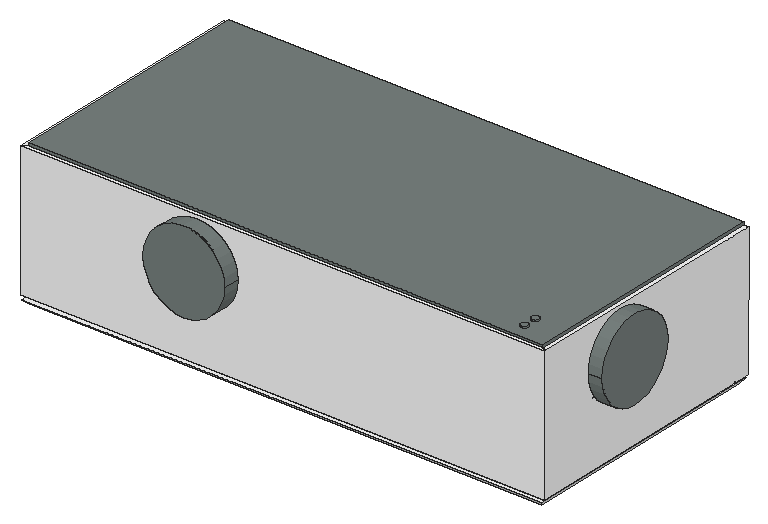
Revit family "AM 500 HDIDE", category Mechanical Equipment, Revit 2019
Family settings
  Round Connector Dimension = Use Diameter
  Part Type = Normal
  OmniClass Number = 23.75.00.00
  OmniClass Title = Climate Control (HVAC)
  Work Plane-Based = No
  Always vertical = Yes
  Cut with Voids When Loaded = No
  Shared = No
  Room Calculation Point = No
Parameters
  Weight (Standard Unit) = 108  # constant formula
  Water Heater Surface Return = 10 mm  # constant formula
  Water Heater Surface IN = 10 mm  # constant formula
  Visible [instance] = no
  Version number = "1,0"
  URL = "www.airmaster-as.com"
  Total Width = 1600 mm  # constant formula
  Total Hight = 439 mm  # constant formula
  Top Panel [instance] = yes
  T-C Duct Supply = 171.3 mm  # constant formula
  T-C Duct Exhaust = 171.3 mm  # constant formula
  Suply Air In = 250 mm  # constant formula
  R-C Duct Supply = 238 mm  # constant formula
  Publication date = "23.05.2023"
  Phase 1 - Max Power Consumption = "1762 W"
  Phase 1 - Max Current = "8,1 A"
  Panel R [instance] = yes
  Nominal current, electrical preheating surface = "4,4 A"
  Nominal current, electrical comfort heating surface = "2,6 A"
  Nominal current, air handling unit = "1,1 A"
  Network Conection = "AWG 24 CAT 5e STP"
  Model = "AM 500 HDIDE"
  Middle Panel [instance] = yes
  Max. flow rate 35 dB(A) with ePM10 80% filters = 440.00 m³  # constant formula
  Max. flow rate 35 dB(A) with ePM10 55% filters = 495.00 m³  # constant formula
  Max. flow rate 35 dB(A) with ePM10 50% filters = 550.00 m³  # constant formula
  Max. flow rate 30 dB(A) with ePM10 80% filters = 344.00 m³  # constant formula
  Max. flow rate 30 dB(A) with ePM10 55% filters = 387.00 m³  # constant formula
  Max. flow rate 30 dB(A) with ePM10 50% filters = 430.00 m³  # constant formula
  Manufacturer = "Airmaster A/S"
  Maintenance [instance] = no
  L-C Duct Exhaust = 192 mm  # constant formula
  Front Panel [instance] = yes
  Exhaust Air = 250 mm  # constant formula
  Total Depth = 779 mm  # constant formula
  Electrical connection = "1 ~ 230 V / N / PE / 50 Hz"
  Duct Supply = 250 mm  # constant formula
  Duct Extraction = 250 mm  # constant formula
  Drawn By = "LSB"
  Condensate = 9 mm  # constant formula
  Buttom Panel [instance] = yes
  BMS Panel = "(PTS) 2x2x0,6"
  BMS Out = "(PTS) 2x2x0,6"
  BMS IN = "(PTS) 2x2x0,6"
  Airlow area [instance] = no
Reference planes
  plane 1 "Center (Front/Back)": y = 0
  plane 2: z = 0
  plane 3 "Center (Left/Right)": x = 0
  plane 4 "Center L/S": y = -779
  plane 5 "Center L/T": x = -800
  plane 6 "Center L/U": x = 800
  plane 7 "TOP": z = 439
  plane 8 "Center L/V": x = -785
  plane 9 "Center L/W": y = -764
  plane 10 "Center L/X": x = 785
  plane 11 "Panel Buttom": z = 24.45
  plane 12 "Panel Top": z = 153.45
  plane 13 "Hatch": z = 14.5
  plane 14 "Center L/Z": z = 163.4
  plane 15 "Center L/AA": z = 292.4
  plane 16 "Center L/BB": z = 302.35
  plane 17 "Center L/CC": z = 431.35
Forms (mm)
  Extrusion 1, solid, material "AM Grey"
    sketch origin (0, 0, 0) x (1, 0, 0) y (0, 1, 0)
      loop
        line (-785, 0) -> (-785, -764) -> (785, -764) -> (785, 0) -> (-785, 0)
    from 14.5 to 439
  Extrusion 2, solid, material "AM White", visible <- "Visible"
    sketch origin (794.5, -1524, 24.45) x (0, -1, 0) y (-1, 0, 0)
      loop
        line (-745, -5.5) -> (-745, 1592.5) -> (-760, 1577.5) -> (-760, 9.5) -> (-1524, 9.5) -> (-1524, -5.5) -> (-745, -5.5)
    from 0 to -129
  Blend 3, solid, material "AM White"
    base sketch origin (-790.646, -1524, 14.5) x (0, -1, 0) y (1, 0, 0)
      loop
        line (-745, -2.387) -> (-745, 1583.657) -> (-1524, 1583.657) -> (-1524, -2.387) -> (-745, -2.387)
    top sketch origin (-790.646, -1524, 14.5) x (0, -1, 0) y (1, 0, 0)
      loop
        line (-760, 8.963) -> (-760, 1572.646) -> (-1509.161, 1572.646) -> (-1509.161, 8.963) -> (-760, 8.963)
    from 0 to -14.5
  Extrusion 4, solid, material "AM Grey"
    sketch origin (-785, -20, 0) x (0, 1, 0) y (0, 0, -1)
      loop
        arc (-34.231, -35.823) -> (-20.604, -46.468) -> (-15.509, -29.944) r 10.5
        arc (-15.509, -29.944) -> (-26.896, -26.432) -> (-34.231, -35.823) r 10.5
    from 0 to 14.9
  Extrusion 5, solid, material "AM Grey"
    sketch origin (785, 0, 0) x (0, -1, 0) y (0, 0, -1)
      loop
        circle (48.75, -36.414) r 8
    from 0 to 14.9
  Extrusion 6, solid, material "AM Grey"
    sketch origin (785, 0, 0) x (0, -1, 0) y (0, 0, -1)
      loop
        circle (48.75, -60.414) r 5.5
    from 0 to 14.9
  Extrusion 7, solid, material "AM Grey"
    sketch origin (785, 0, 0) x (0, -1, 0) y (0, 0, -1)
      loop
        arc (52.21, -82.945) -> (49.124, -78.934) -> (45.257, -82.197) r 3.5
        arc (45.257, -82.197) -> (48.376, -85.894) -> (52.21, -82.945) r 3.5
    from 0 to 14.9
  Extrusion 8, solid, material "AM Grey"
    sketch origin (785, 0, 0) x (0, -1, 0) y (0, 0, -1)
      loop
        arc (52.21, -104.867) -> (49.124, -100.856) -> (45.257, -104.119) r 3.5
        arc (45.257, -104.119) -> (48.376, -107.816) -> (52.21, -104.867) r 3.5
    from 0 to 14.9
  Extrusion 9, solid, material "AM Grey"
    sketch origin (785, 0, 0) x (0, -1, 0) y (0, 0, -1)
      loop
        arc (666.553, -391.641) -> (678.119, -403.614) -> (689.95, -391.903) r 11.7
        arc (689.95, -391.903) -> (678.381, -380.215) -> (666.553, -391.641) r 11.7
    from 0 to 2
  Extrusion 10, solid, material "AM Grey"
    sketch origin (785, 0, 0) x (0, -1, 0) y (0, 0, -1)
      loop
        arc (707.323, -393.239) -> (721.418, -403.717) -> (730.869, -388.914) r 12
        arc (730.869, -388.914) -> (717.082, -380.112) -> (707.323, -393.239) r 12
    from 0 to 2
  Extrusion 11, solid, material "AM Grey"
    sketch origin (-785, 0, 0) x (1, 0, 0) y (0, 0, -1)
      loop
        circle (1347, -267.7) r 125
    from 0 to 18.45
  Extrusion 12, solid, material "AM Grey"
    sketch origin (-785, 0, 0) x (1, 0, 0) y (0, 0, -1)
      loop
        circle (177, -267.7) r 125
    from 0 to 18.45
  Extrusion 13, solid, material "AM Grey"
    sketch origin (-2194.69, 0, 0) x (1, 0, 0) y (0, 0, -1)
      loop
        arc (1478.835, -24) -> (1493.457, -45.482) -> (1480.281, -23.084) r 13
        line (1480.281, -23.084) -> (1478.835, -24)
    from 0 to 2
  Extrusion 14, solid, material "AM Grey"
    sketch origin (0, 0, 439) x (1, 0, 0) y (0, 1, 0)
      loop
        arc (693.662, -689.53) -> (693, -667.55) -> (692.338, -689.53) r 11
        line (692.338, -689.53) -> (693.662, -689.53)
    from 0 to 2
  Extrusion 15, solid, material "AM Grey"
    sketch origin (0, 0, 439) x (1, 0, 0) y (0, 1, 0)
      loop
        arc (693.662, -730.28) -> (693, -708.3) -> (692.338, -730.28) r 11
        line (692.338, -730.28) -> (693.662, -730.28)
    from 0 to 2
  Extrusion 16, solid, material "Maintenece", visible <- "Maintenance"
    sketch origin (-790.646, -1524, 0) x (1, 0, 0) y (0, -1, 0)
      loop
        line (-9.354, -1524) -> (1590.646, -1524) -> (1590.646, -745) -> (-9.354, -745) -> (-9.354, -1524)
    from 0 to 1200
  Extrusion 17, solid, material "AM Grey"
    sketch origin (785, 0, 0) x (0, -1, 0) y (0, 0, -1)
      loop
        circle (489, -299.25) r 125
    from 0 to 60
  Extrusion 18, solid, material "AM White", visible <- "Middle Panel"
    sketch origin (794.5, -1524, 163.4) x (0, -1, 0) y (-1, 0, 0)
      loop
        line (-1524, 1594.5) -> (-1524, 1579.5) -> (-762, 1579.5) -> (-747, 1594.5) -> (-1524, 1594.5)
    from 0 to -129
  Extrusion 19, solid, material "AM White", visible <- "Top Panel"
    sketch origin (794.5, -1524, 302.35) x (0, -1, 0) y (-1, 0, 0)
      loop
        line (-1524, 1594.5) -> (-1524, 1579.5) -> (-762, 1579.5) -> (-747, 1594.5) -> (-1524, 1594.5)
    from 0 to -129
  Extrusion 20, solid, material "AM Grey"
    sketch origin (785, -764, 0) x (-1, 0, 0) y (0, 0, -1)
      loop
        circle (1045, -298.664) r 125
    from 0 to 63
  Extrusion 21, solid, material "AM White", visible <- "Front Panel"
    sketch origin (794.5, -1524, 163.4) x (0, -1, 0) y (-1, 0, 0)
      loop
        line (-745, -3.5) -> (-745, 1592.5) -> (-760, 1577.5) -> (-760, 11.5) -> (-745, -3.5)
    from 138.95 to -267.95
  Extrusion 22, solid, material "AM White", visible <- "Panel R"
    sketch origin (794.5, -1524, 24.45) x (0, -1, 0) y (-1, 0, 0)
      loop
        line (-1524, 9.5) -> (-1524, -5.5) -> (-747, -5.5) -> (-762, 9.5) -> (-1524, 9.5)
    from -406.9 to 0
  Extrusion 23, solid, material "AM White", visible <- "Buttom Panel"
    sketch origin (794.5, -1524, 24.45) x (0, -1, 0) y (-1, 0, 0)
      loop
        line (-1524, 1594.5) -> (-1524, 1579.5) -> (-762, 1579.5) -> (-747, 1594.5) -> (-1524, 1594.5)
    from 0 to -129
Dimensions and locks
  "Total Depth": plane 4 "Center L/S" to plane 1 "Center (Front/Back)"
  equal spacing: plane 5 "Center L/T", plane 3 "Center (Left/Right)", plane 6 "Center L/U"
  "Total Width": plane 5 "Center L/T" to plane 6 "Center L/U"
  "Total Hight": plane 7 "TOP" to level
  locked: plane 10 "Center L/X" to plane 6 "Center L/U" at 15
  locked: plane 4 "Center L/S" to plane 9 "Center L/W" at 15
  locked: plane 5 "Center L/T" to plane 8 "Center L/V" at 15
  Extrusion 1 to Blend 3 sketch curve = 14.839 mm
  "R-C Duct Supply": plane 6 "Center L/U" to Extrusion 11 sketch curve
  "T-C Duct Exhaust": Extrusion 12 sketch curve to plane 7 "TOP"
  "L-C Duct Exhaust": Extrusion 12 sketch curve to plane 5 "Center L/T"
  "T-C Duct Supply": Extrusion 11 sketch curve to plane 7 "TOP"
  aligned and locked: level to plane 2
  aligned and locked: plane 1 "Center (Front/Back)" to Extrusion 1 sketch curve
  aligned and locked: Extrusion 1 sketch curve to plane 8 "Center L/V"
  aligned and locked: Extrusion 1 sketch curve to plane 9 "Center L/W"
  aligned and locked: Extrusion 1 sketch curve to plane 10 "Center L/X"
  aligned and locked: plane 7 "TOP" to Extrusion 1
  aligned and locked: plane 4 "Center L/S" to Extrusion 2 sketch curve
  aligned and locked: plane 6 "Center L/U" to Extrusion 2 sketch curve
  aligned and locked: Extrusion 2 sketch curve to Extrusion 1  (x2)
  aligned and locked: plane 1 "Center (Front/Back)" to Extrusion 2 sketch curve
  aligned and locked: Extrusion 2 to plane 12 "Panel Top"
  aligned and locked: Blend 3 to plane 2
  aligned and locked: plane 13 "Hatch" to Extrusion 1
  aligned and locked: Extrusion 18 to plane 15 "Center L/AA"
  aligned and locked: Extrusion 19 to plane 17 "Center L/CC"
  aligned and locked: Extrusion 21 to plane 17 "Center L/CC"
Automatic sketch dimensions
  plane 1 "Center (Front/Back)" to Blend 3 sketch curve = 0 mm
  plane 4 "Center L/S" to Blend 3 sketch curve = 0 mm
  plane 5 "Center L/T" to Blend 3 sketch curve = 6.967 mm
  Blend 3 sketch curve to plane 6 "Center L/U" = 6.989 mm
  plane 9 "Center L/W" to Blend 3 sketch curve = 0 mm
  plane 8 "Center L/V" to Blend 3 sketch curve = 3.316 mm
  Blend 3 sketch curve to plane 10 "Center L/X" = 3 mm
  Extrusion 4 sketch curve to Extrusion 4 sketch curve = 0 mm  (x2)
  Extrusion 1 to Extrusion 4 sketch curve = 43.75 mm
  Extrusion 1 to Extrusion 4 sketch curve = 21.95 mm
  Extrusion 4 sketch curve to Extrusion 4 sketch curve = 10.481 mm
  Extrusion 4 sketch curve to Extrusion 4 sketch curve = 8.241 mm
  Extrusion 4 sketch curve to Extrusion 4 sketch curve = 0.627 mm
  Extrusion 1 to Extrusion 5 sketch curve = 21.914 mm
  Extrusion 1 to Extrusion 5 sketch curve = 48.75 mm
  Extrusion 1 to Extrusion 6 sketch curve = 48.75 mm
  Extrusion 1 to Extrusion 6 sketch curve = 45.914 mm
  Extrusion 7 sketch curve to Extrusion 7 sketch curve = 0 mm  (x2)
  Extrusion 1 to Extrusion 7 sketch curve = 48.75 mm
  Extrusion 1 to Extrusion 7 sketch curve = 67.914 mm
  Extrusion 7 sketch curve to Extrusion 7 sketch curve = 3.493 mm
  Extrusion 7 sketch curve to Extrusion 7 sketch curve = 3.46 mm
  Extrusion 7 sketch curve to Extrusion 7 sketch curve = 0.531 mm
  Extrusion 8 sketch curve to Extrusion 8 sketch curve = 0 mm  (x2)
  Extrusion 1 to Extrusion 8 sketch curve = 48.75 mm
  Extrusion 1 to Extrusion 8 sketch curve = 89.836 mm
  Extrusion 8 sketch curve to Extrusion 8 sketch curve = 3.493 mm
  Extrusion 8 sketch curve to Extrusion 8 sketch curve = 3.46 mm
  Extrusion 8 sketch curve to Extrusion 8 sketch curve = 0.531 mm
  Extrusion 9 sketch curve to Extrusion 9 sketch curve = 0 mm  (x2)
  Extrusion 1 to Extrusion 9 sketch curve = 85.75 mm
  Extrusion 1 to Extrusion 9 sketch curve = 47.086 mm
  Extrusion 9 sketch curve to Extrusion 9 sketch curve = 11.697 mm
  Extrusion 9 sketch curve to Extrusion 9 sketch curve = 11.7 mm
  Extrusion 9 sketch curve to Extrusion 9 sketch curve = 0.011 mm
  Extrusion 10 sketch curve to Extrusion 10 sketch curve = 0 mm  (x2)
  Extrusion 1 to Extrusion 10 sketch curve = 44.75 mm
  Extrusion 1 to Extrusion 10 sketch curve = 47.086 mm
  Extrusion 10 sketch curve to Extrusion 10 sketch curve = 11.927 mm
  Extrusion 10 sketch curve to Extrusion 10 sketch curve = 11.619 mm
  Extrusion 10 sketch curve to Extrusion 10 sketch curve = 1.325 mm
  Extrusion 1 to Extrusion 13 sketch curve = 9.5 mm
  Extrusion 13 sketch curve to Extrusion 1 = 69.145 mm
  Extrusion 1 to Extrusion 13 sketch curve = 8.584 mm
  Extrusion 13 sketch curve to Extrusion 13 sketch curve = 1.446 mm
  Extrusion 13 sketch curve to Extrusion 13 sketch curve = 6.219 mm
  Extrusion 14 sketch curve to Extrusion 1 = 92.662 mm
  Extrusion 14 sketch curve to Extrusion 14 sketch curve = 0.662 mm
  Extrusion 14 sketch curve to Extrusion 1 = 74.47 mm
  Extrusion 14 sketch curve to Extrusion 14 sketch curve = 10.98 mm
  Extrusion 15 sketch curve to Extrusion 1 = 92.662 mm
  Extrusion 15 sketch curve to Extrusion 15 sketch curve = 0.662 mm
  Extrusion 15 sketch curve to Extrusion 1 = 33.72 mm
  Extrusion 15 sketch curve to Extrusion 15 sketch curve = 10.98 mm
  Extrusion 16 sketch curve to Blend 3 = 18.316 mm
  Extrusion 16 sketch curve to Blend 3 = 18 mm
  Extrusion 16 sketch curve to Blend 3 = 15 mm
  Extrusion 16 sketch curve to Blend 3 = 14.839 mm
  Extrusion 1 to Extrusion 17 sketch curve = 275 mm
  Extrusion 1 to Extrusion 17 sketch curve = 139.75 mm
  plane 1 "Center (Front/Back)" to Extrusion 18 sketch curve = 0 mm
  Extrusion 18 sketch curve to plane 8 "Center L/V" = 0 mm
  Extrusion 18 sketch curve to plane 5 "Center L/T" = 0 mm
  Extrusion 18 sketch curve to plane 9 "Center L/W" = 2 mm
  Extrusion 18 sketch curve to plane 4 "Center L/S" = 2 mm
  plane 1 "Center (Front/Back)" to Extrusion 19 sketch curve = 0 mm
  Extrusion 19 sketch curve to plane 8 "Center L/V" = 0 mm
  Extrusion 19 sketch curve to plane 5 "Center L/T" = 0 mm
  Extrusion 19 sketch curve to plane 9 "Center L/W" = 2 mm
  Extrusion 19 sketch curve to plane 4 "Center L/S" = 2 mm
  Extrusion 1 to Extrusion 20 sketch curve = 140.336 mm
  Extrusion 1 to Extrusion 20 sketch curve = 525 mm
  plane 9 "Center L/W" to Extrusion 21 sketch curve = 0 mm
  plane 4 "Center L/S" to Extrusion 21 sketch curve = 0 mm
  plane 5 "Center L/T" to Extrusion 21 sketch curve = 2 mm
  plane 8 "Center L/V" to Extrusion 21 sketch curve = 2 mm
  Extrusion 21 sketch curve to plane 10 "Center L/X" = 2 mm
  Extrusion 21 sketch curve to plane 6 "Center L/U" = 2 mm
  plane 1 "Center (Front/Back)" to Extrusion 22 sketch curve = 0 mm
  Extrusion 22 sketch curve to plane 10 "Center L/X" = 0 mm
  Extrusion 22 sketch curve to plane 6 "Center L/U" = 0 mm
  Extrusion 22 sketch curve to plane 9 "Center L/W" = 2 mm
  Extrusion 22 sketch curve to plane 4 "Center L/S" = 2 mm
  plane 1 "Center (Front/Back)" to Extrusion 23 sketch curve = 0 mm
  Extrusion 23 sketch curve to plane 8 "Center L/V" = 0 mm
  Extrusion 23 sketch curve to plane 5 "Center L/T" = 0 mm
  Extrusion 23 sketch curve to plane 9 "Center L/W" = 2 mm
  Extrusion 23 sketch curve to plane 4 "Center L/S" = 2 mm
  plane 5 "Center L/T" to Extrusion 2 sketch curve = 2 mm
  plane 8 "Center L/V" to Extrusion 2 sketch curve = 2 mm
  radius of Extrusion 5 sketch curve = 8 mm
  radius of Extrusion 6 sketch curve = 5.5 mm
  radius of Extrusion 11 sketch curve = 125 mm
  radius of Extrusion 12 sketch curve = 125 mm
  radius of Extrusion 17 sketch curve = 125 mm
  radius of Extrusion 20 sketch curve = 125 mm
Nested families
  nested 1: "Model Label 2019" at (0, -361.924, 0), Label <- "Model", type "Model Label 2019"
    with Label "AM 500 HDIDE"
Connectors
  piping at (-799.9, -44.87, 32.883), diameter 9, driven by "Condensate"
    settings: on Extrusion 4, index 1, connector inside diameter 609.6 mm, connector length 0 mm, flow factor 0, pipe flow 0.0 L/s, pressure drop 0.0 Pa, fitting loss kfactor 0, connector angle 0.00°, fixture units 0, engagement length 0 mm, angle of deflection 0.00°, flow configuration 0, flow direction 0, fitting loss method 0, system type 16, joint type 0, gender type 0, connector reference index -1, connector utility 0, adjustable connector no, is connector primary yes, connector description ""
  electrical at (799.9, -48.75, 36.414), driven by "Electrical connection"
    settings: on Extrusion 5, index 2, voltage 230 V, apparent load 0 VA, apparent load phase1 0 VA, apparent load phase2 0 VA, apparent load phase3 0 VA, power factor 0.58, load classification "Other", number of poles 1, system type 30, power factor state 1, is connector primary yes, connector utility no, sub classification motor no, connector description "1 ~ 230 V / N / PE / 50 Hz"
  electrical at (799.9, -48.75, 60.414), driven by "Network Conection"
    settings: on Extrusion 6, index 3, voltage 0 V, apparent load 0 VA, apparent load phase1 0 VA, apparent load phase2 0 VA, apparent load phase3 0 VA, power factor 1, load classification "Other", number of poles 1, system type 5, power factor state 1, is connector primary no, connector utility no, sub classification motor no, connector description "AWG 24 CAT 5e STP"
  electrical at (799.9, -48.733, 82.571), driven by "BMS IN"
    settings: on Extrusion 7, index 4, voltage 0 V, apparent load 0 VA, apparent load phase1 0 VA, apparent load phase2 0 VA, apparent load phase3 0 VA, power factor 1, load classification "Other", number of poles 1, system type 5, power factor state 1, is connector primary no, connector utility no, sub classification motor no, connector description "(PTS) 2x2x0,6"
  electrical at (799.9, -48.733, 104.493), driven by "BMS Out"
    settings: on Extrusion 8, index 5, voltage 0 V, apparent load 0 VA, apparent load phase1 0 VA, apparent load phase2 0 VA, apparent load phase3 0 VA, power factor 1, load classification "Other", number of poles 1, system type 5, power factor state 1, is connector primary no, connector utility no, sub classification motor no, connector description "(PTS) 2x2x0,6"
  piping at (787, -719.096, 391.076), diameter 10, driven by "Water Heater Surface IN"
    settings: on Extrusion 10, index 6, connector inside diameter 609.6 mm, connector length 0 mm, flow factor 0, pipe flow 0.0 L/s, pressure drop 0.0 Pa, fitting loss kfactor 0, connector angle 0.00°, fixture units 0, engagement length 0 mm, angle of deflection 0.00°, flow configuration 0, flow direction 1, fitting loss method 0, system type 7, joint type 0, gender type 0, connector reference index -1, connector utility 0, adjustable connector no, is connector primary no, connector description ""
  piping at (787, -678.252, 391.772), diameter 10, driven by "Water Heater Surface Return"
    settings: on Extrusion 9, index 7, connector inside diameter 609.6 mm, connector length 0 mm, flow factor 0, pipe flow 0.0 L/s, pressure drop 0.0 Pa, fitting loss kfactor 0, connector angle 0.00°, fixture units 0, engagement length 0 mm, angle of deflection 0.00°, flow configuration 0, flow direction 2, fitting loss method 0, system type 8, joint type 0, gender type 0, connector reference index -1, connector utility 0, adjustable connector no, is connector primary no, connector description ""
  piping at (-715.132, 2, 23.542), diameter 9, driven by "Condensate"
    settings: on Extrusion 13, index 8, connector inside diameter 609.6 mm, connector length 0 mm, flow factor 0, pipe flow 0.0 L/s, pressure drop 0.0 Pa, fitting loss kfactor 0, connector angle 0.00°, fixture units 0, engagement length 0 mm, angle of deflection 0.00°, flow configuration 0, flow direction 0, fitting loss method 0, system type 16, joint type 0, gender type 0, connector reference index -1, connector utility 0, adjustable connector no, is connector primary no, connector description "9"
  piping at (693, -730.28, 441), diameter 10, driven by "Water Heater Surface IN"
    settings: on Extrusion 15, index 11, connector inside diameter 609.6 mm, connector length 0 mm, flow factor 0, pipe flow 0.0 L/s, pressure drop 0.0 Pa, fitting loss kfactor 0, connector angle 0.00°, fixture units 0, engagement length 0 mm, angle of deflection 0.00°, flow configuration 0, flow direction 0, fitting loss method 0, system type 19, joint type 0, gender type 0, connector reference index -1, connector utility 0, adjustable connector no, is connector primary no, connector description ""
  piping at (693, -689.53, 441), diameter 10, driven by "Water Heater Surface Return"
    settings: on Extrusion 14, index 12, connector inside diameter 609.6 mm, connector length 0 mm, flow factor 0, pipe flow 0.0 L/s, pressure drop 0.0 Pa, fitting loss kfactor 0, connector angle 0.00°, fixture units 0, engagement length 0 mm, angle of deflection 0.00°, flow configuration 0, flow direction 0, fitting loss method 0, system type 19, joint type 0, gender type 0, connector reference index -1, connector utility 0, adjustable connector no, is connector primary no, connector description ""
  hvac at (785, -489, 299.25), driven by "Duct Extraction"
    settings: on Extrusion 17, index 15, duct flow 0.0 L/s, flow factor 0, pres drop 0.0 Pa, loss coef 0, conn angle 0.00°, conn width 304.8 mm, conn height 304.8 mm, conn diameter 250 mm, duct sys type 2, conn prof type 0, flow config 0, flow direction 0, loss method 0, conn ref index -1, conn util no, is conn primary yes, conn desc ""
  hvac at (-260, -764, 298.664), driven by "Duct Supply"
    settings: on Extrusion 20, index 16, duct flow 0.0 L/s, flow factor 0, pres drop 0.0 Pa, loss coef 0, conn angle 0.00°, conn width 304.8 mm, conn height 304.8 mm, conn diameter 250 mm, duct sys type 1, conn prof type 0, flow config 0, flow direction 2, loss method 0, conn ref index -1, conn util no, is conn primary no, conn desc ""
  hvac at (562, 0, 267.7), driven by "Suply Air In"
    settings: on Extrusion 11, index 17, duct flow 0.0 L/s, flow factor 0, pres drop 0.0 Pa, loss coef 0, conn angle 0.00°, conn width 304.8 mm, conn height 304.8 mm, conn diameter 250 mm, duct sys type 1, conn prof type 0, flow config 0, flow direction 1, loss method 0, conn ref index -1, conn util no, is conn primary no, conn desc ""
  hvac at (-608, 0, 267.7), driven by "Exhaust Air"
    settings: on Extrusion 12, index 18, duct flow 0.0 L/s, flow factor 0, pres drop 0.0 Pa, loss coef 0, conn angle 0.00°, conn width 304.8 mm, conn height 304.8 mm, conn diameter 250 mm, duct sys type 3, conn prof type 0, flow config 0, flow direction 2, loss method 0, conn ref index -1, conn util no, is conn primary no, conn desc ""
Definition of nested family "Model Label 2019"
  Parameters (values of type "Model Label 2019")
    Label [instance] = ""
  Reference planes
    plane 1: y = 0
    plane 2: x = 0
  Text (mm)
    label "Label" at (-0.131, 0.049, 0), shows "Label"
